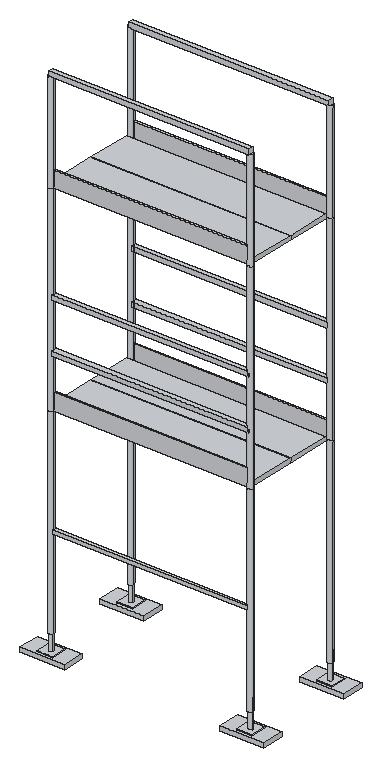
Revit family "BIM_ST_Scaffolding_JapaneseKusabi_Unhosted_LOD300", category Generic Models, Revit 2022
Family settings
  Can host rebar = No
  Round Connector Dimension = Use Diameter
  Part Type = Normal
  Work Plane-Based = No
  Always vertical = Yes
  Cut with Voids When Loaded = No
  Maintain Annotation Orientation = No
  Shared = No
  Room Calculation Point = No
Parameters (values of type "Standard_1800x900_3Tiers")
  Story_Height = 1800 mm
  Default Elevation = 0 mm
  Bay_Width = 900 mm
  Bay_Length = 1800 mm
Reference planes
  plane 1 "Center (Front/Back)": y = 0
  plane 2: z = 0
  plane 3 "Center (Left/Right)": x = 0
Dimensions and locks
  aligned and locked: level to plane 2
Nested families
  nested 1: "BIM_ST_Scaff_SoleBoard_Shared" at (-900, -450, 0), type "BIM_ST_Scaff_SoleBoard_Shared"
  nested 2: "BIM_ST_Scaff_SoleBoard_Shared" at (900, -450, 0), type "BIM_ST_Scaff_SoleBoard_Shared"
  nested 3: "BIM_ST_Scaff_SoleBoard_Shared" at (900, 450, 0), type "BIM_ST_Scaff_SoleBoard_Shared"
  nested 4: "BIM_ST_Scaff_SoleBoard_Shared" at (-900, 450, 0), type "BIM_ST_Scaff_SoleBoard_Shared"
  nested 5: "BIM_ST_Scaff_JackBase_Shared" at (-900, -450, 40), type "BIM_ST_Scaff_JackBase_Shared"
  nested 6: "BIM_ST_Scaff_JackBase_Shared" at (900, -450, 40), type "BIM_ST_Scaff_JackBase_Shared"
  nested 7: "BIM_ST_Scaff_JackBase_Shared" at (900, 450, 40), type "BIM_ST_Scaff_JackBase_Shared"
  nested 8: "BIM_ST_Scaff_JackBase_Shared" at (-900, 450, 40), type "BIM_ST_Scaff_JackBase_Shared"
  nested 9: "BIM_ST_Scaff_StandardPost_Shared" at (-900, -450, 190), type "BIM_ST_Scaff_StandardPost_Shared"
  nested 10: "BIM_ST_Scaff_StandardPost_Shared" at (900, -450, 190), type "BIM_ST_Scaff_StandardPost_Shared"
  nested 11: "BIM_ST_Scaff_StandardPost_Shared" at (900, 450, 190), type "BIM_ST_Scaff_StandardPost_Shared"
  nested 12: "BIM_ST_Scaff_StandardPost_Shared" at (-900, 450, 190), type "BIM_ST_Scaff_StandardPost_Shared"
  nested 13: "BIM_ST_Scaff_StandardPost_Shared" at (-900, -450, 1990), type "BIM_ST_Scaff_StandardPost_Shared"
  nested 14: "BIM_ST_Scaff_StandardPost_Shared" at (900, -450, 1990), type "BIM_ST_Scaff_StandardPost_Shared"
  nested 15: "BIM_ST_Scaff_StandardPost_Shared" at (900, 450, 1990), type "BIM_ST_Scaff_StandardPost_Shared"
  nested 16: "BIM_ST_Scaff_StandardPost_Shared" at (-900, 450, 1990), type "BIM_ST_Scaff_StandardPost_Shared"
  nested 17: "BIM_ST_Scaff_PlankWalkway_Shared" at (0, -200, 1990), type "BIM_ST_Scaff_PlankWalkway_Shared"
  nested 18: "BIM_ST_Scaff_PlankWalkway_Shared" at (0, 200, 1990), type "BIM_ST_Scaff_PlankWalkway_Shared"
  nested 19: "BIM_ST_Scaff_Ledger_Shared" at (0, -450, 2890), type "BIM_ST_Scaff_Ledger_Shared"
  nested 20: "BIM_ST_Scaff_Ledger_Shared" at (0, 450, 2890), type "BIM_ST_Scaff_Ledger_Shared"
  nested 21: "BIM_ST_Scaff_Ledger_Shared" at (0, -450, 2440), type "BIM_ST_Scaff_Ledger_Shared"
  nested 22: "BIM_ST_Scaff_Ledger_Shared" at (0, 450, 2440), type "BIM_ST_Scaff_Ledger_Shared"
  nested 23: "BIM_ST_Scaff_ToeBoard_Shared" at (0, -450, 1990), type "BIM_ST_Scaff_ToeBoard_Shared"
  nested 24: "BIM_ST_Scaff_ToeBoard_Shared" at (0, 450, 1990), type "BIM_ST_Scaff_ToeBoard_Shared"
  nested 25: "BIM_ST_Scaff_CrossBrace_Shared" at (0, -450, 1000), type "BIM_ST_Scaff_CrossBrace_Shared"
  nested 26: "BIM_ST_Scaff_TopPost_Shared" at (-900, -450, 3790), type "BIM_ST_Scaff_TopPost_Shared"
  nested 27: "BIM_ST_Scaff_TopPost_Shared" at (900, -450, 3790), type "BIM_ST_Scaff_TopPost_Shared"
  nested 28: "BIM_ST_Scaff_TopPost_Shared" at (900, 450, 3790), type "BIM_ST_Scaff_TopPost_Shared"
  nested 29: "BIM_ST_Scaff_TopPost_Shared" at (-900, 450, 3790), type "BIM_ST_Scaff_TopPost_Shared"
  nested 30: "BIM_ST_Scaff_PlankWalkway_Shared" at (0, -200, 3790), type "BIM_ST_Scaff_PlankWalkway_Shared"
  nested 31: "BIM_ST_Scaff_PlankWalkway_Shared" at (0, 200, 3790), type "BIM_ST_Scaff_PlankWalkway_Shared"
  nested 32: "BIM_ST_Scaff_Ledger_Shared" at (0, -450, 4690), type "BIM_ST_Scaff_Ledger_Shared"
  nested 33: "BIM_ST_Scaff_Ledger_Shared" at (0, 450, 4690), type "BIM_ST_Scaff_Ledger_Shared"
  nested 34: "BIM_ST_Scaff_ToeBoard_Shared" at (0, -450, 3790), type "BIM_ST_Scaff_ToeBoard_Shared"
  nested 35: "BIM_ST_Scaff_ToeBoard_Shared" at (0, 450, 3790), type "BIM_ST_Scaff_ToeBoard_Shared"
Definition of nested family "BIM_ST_Scaff_SoleBoard_Shared"
  Parameters
    Default Elevation = 0 mm
  Reference planes
    plane 1 "Center (Front/Back)": y = 0
    plane 2: z = 0
    plane 3 "Center (Left/Right)": x = 0
  Forms (mm)
    Extrusion 1, solid
      sketch origin (0, 0, 0) x (1, 0, 0) y (0, 1, 0)
        loop
          line (-200, -100) -> (200, -100) -> (200, 100) -> (-200, 100) -> (-200, -100)
      from 0 to 40
  Dimensions and locks
    aligned and locked: level to plane 2
Definition of nested family "BIM_ST_Scaff_JackBase_Shared"
  Parameters
    Default Elevation = 0 mm
  Reference planes
    plane 1 "Center (Front/Back)": y = 0
    plane 2: z = 0
    plane 3 "Center (Left/Right)": x = 0
  Forms (mm)
    Extrusion 1, solid
      sketch origin (0, 0, 0) x (1, 0, 0) y (0, 1, 0)
        loop
          line (-70, -70) -> (70, -70) -> (70, 70) -> (-70, 70) -> (-70, -70)
      from 0 to 6
    Extrusion 2, solid
      sketch origin (0, 0, 0) x (1, 0, 0) y (0, 1, 0)
        loop
          circle (0, 0) r 18
      from 0 to 300
  Dimensions and locks
    aligned and locked: level to plane 2
Definition of nested family "BIM_ST_Scaff_StandardPost_Shared"
  Parameters
    Default Elevation = 0 mm
  Reference planes
    plane 1 "Center (Front/Back)": y = 0
    plane 2: z = 0
    plane 3 "Center (Left/Right)": x = 0
  Forms (mm)
    Extrusion 1, solid
      sketch origin (0, 0, 0) x (1, 0, 0) y (0, 1, 0)
        loop
          circle (0, 0) r 24.3
      from 0 to 1800
  Dimensions and locks
    aligned and locked: level to plane 2
Definition of nested family "BIM_ST_Scaff_PlankWalkway_Shared"
  Parameters
    Default Elevation = 0 mm
  Reference planes
    plane 1 "Center (Front/Back)": y = 0
    plane 2: z = 0
    plane 3 "Center (Left/Right)": x = 0
  Forms (mm)
    Extrusion 1, solid
      sketch origin (0, 0, 0) x (1, 0, 0) y (0, 1, 0)
        loop
          line (-900, -200) -> (900, -200) -> (900, 200) -> (-900, 200) -> (-900, -200)
      from 0 to 40
  Dimensions and locks
    aligned and locked: level to plane 2
Definition of nested family "BIM_ST_Scaff_Ledger_Shared"
  Parameters
    Default Elevation = 0 mm
  Reference planes
    plane 1 "Center (Front/Back)": y = 0
    plane 2: z = 0
    plane 3 "Center (Left/Right)": x = 0
  Forms (mm)
    Extrusion 1, solid
      sketch origin (0, 0, 0) x (1, 0, 0) y (0, 1, 0)
        loop
          line (-900, -21.35) -> (900, -21.35) -> (900, 21.35) -> (-900, 21.35) -> (-900, -21.35)
      from 0 to 42.7
  Dimensions and locks
    aligned and locked: level to plane 2
Definition of nested family "BIM_ST_Scaff_ToeBoard_Shared"
  Parameters
    Default Elevation = 0 mm
  Reference planes
    plane 1 "Center (Front/Back)": y = 0
    plane 2: z = 0
    plane 3 "Center (Left/Right)": x = 0
  Forms (mm)
    Extrusion 1, solid
      sketch origin (0, 0, 0) x (1, 0, 0) y (0, 1, 0)
        loop
          line (-900, -7.5) -> (900, -7.5) -> (900, 7.5) -> (-900, 7.5) -> (-900, -7.5)
      from 0 to 150
  Dimensions and locks
    aligned and locked: level to plane 2
Definition of nested family "BIM_ST_Scaff_CrossBrace_Shared"
  Parameters
    Default Elevation = 0 mm
  Reference planes
    plane 1 "Center (Front/Back)": y = 0
    plane 2: z = 0
    plane 3 "Center (Left/Right)": x = 0
  Forms (mm)
    Extrusion 1, solid
      sketch origin (0, 0, 0) x (1, 0, 0) y (0, 1, 0)
        loop
          line (-900, -15) -> (900, -15) -> (900, 15) -> (-900, 15) -> (-900, -15)
      from 0 to 30
  Dimensions and locks
    aligned and locked: level to plane 2
Definition of nested family "BIM_ST_Scaff_TopPost_Shared"
  Parameters
    Default Elevation = 0 mm
  Reference planes
    plane 1 "Center (Front/Back)": y = 0
    plane 2: z = 0
    plane 3 "Center (Left/Right)": x = 0
  Forms (mm)
    Extrusion 1, solid
      sketch origin (0, 0, 0) x (1, 0, 0) y (0, 1, 0)
        loop
          circle (0, 0) r 24.3
      from 0 to 900
  Dimensions and locks
    aligned and locked: level to plane 2
